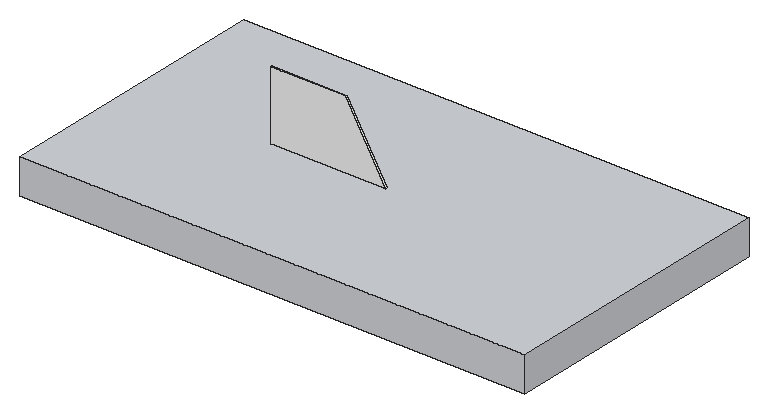
Revit family "M_Placa de gorjal-Trapezóide", category Conexões estruturais, Revit 2019
Family settings
  Hospedeiro = Face
  Material para o comportamento do modelo = Outros
  Número OmniClass = 23.20.40.11.21
  Título OmniClass = Mechanical Fasteners for Metal Structures
  ID de item do Seek = Gusset Plate-Trapezoid-0000-CAN-ENU
  Ativar corte em vistas = Não
  Corte com vazios quando carregada = Não
  Compartilhado = Não
Parameters (values of type "Padrão")
  Espessura [instance] = 10 mm
  Material da placa = Metal - Aço 345 MPa
  Comprimento do chanfro [instance] = Altura / cos(Ângulo)  # 692.82 mm
  Comprimento [instance] = 1000 mm
  L1 [instance] = Comprimento - (Comprimento do chanfro * sin(Ângulo))  # 653.59 mm
  Altura [instance] = 600 mm
  Elevação-padrão = 1200 mm
  Ângulo [instance] = 30.00°
Reference planes
  plane 1 "Centro (Frente/Trás)": y = 0
  plane 2: z = 0
  plane 3 "Centro (Esquerda/Direita)": x = 0
  plane 4: z = 600
  plane 5: y = 5
  plane 6: y = -5
  plane 7: x = 1000
  plane 8: x = 0
  plane 9: z = 600
  plane 10: x = 1000
Forms (mm)
  Extrusion 1, solid
    sketch origin (0, 0, 0) x (1, 0, 0) y (0, 1, 0)
      loop
        line (-1219.2, 1219.2) -> (-1219.2, -1219.2) -> (3185.238, -1219.2) -> (3185.238, 1219.2) -> (-1219.2, 1219.2)
    from 0 to -304.8
  Extrusion 2, solid, material "Metal - Aço 345 MPa" <- "Material da placa"
    sketch origin (0, 0, 0) x (1, 0, 0) y (0, 0, 1)
      loop
        line (0, 600) -> (0, 0) -> (1000, 0) -> (653.59, 600) -> (0, 600)
    from -5 to 5
Lines and regions (mm)
  reference lines
    curve 1: line (0, 0, 0) -> (1039.23, 0, 600)
Dimensions and locks
  "Altura": plane 4 to plane 2
  equal spacing: plane 6, plane 1 "Centro (Frente/Trás)", plane 5
  "Espessura": plane 6 to plane 5
  "Comprimento": plane 8 to plane 7
  "L1": plane 8 to Extrusion 2 sketch curve
  "Ângulo": angle plane 2 to curve 1
  aligned and locked: Extrusion 1 to plane 2
  aligned and locked: Extrusion 1 to level
  aligned and locked: plane 4 to Extrusion 2 sketch curve
  aligned and locked: Extrusion 2 sketch curve to plane 2
  aligned and locked: Extrusion 2 sketch curve to plane 3 "Centro (Esquerda/Direita)"
  aligned and locked: plane 5 to Extrusion 2
  aligned and locked: plane 6 to Extrusion 2
  aligned and locked: plane 4 to curve 1
  aligned and locked: plane 3 "Centro (Esquerda/Direita)" to curve 1
  aligned and locked: plane 2 to curve 1
  aligned and locked: plane 8 to plane 3 "Centro (Esquerda/Direita)"
  aligned and locked: plane 4 to plane 9
  aligned and locked: plane 10 to plane 7
Automatic sketch dimensions
  Extrusion 2 sketch curve to plane 7 = 0 mm
  Extrusion 1 sketch curve to Extrusion 1 sketch curve = 4404.438 mm
  Extrusion 1 sketch curve to Extrusion 1 sketch curve = 2438.4 mm
